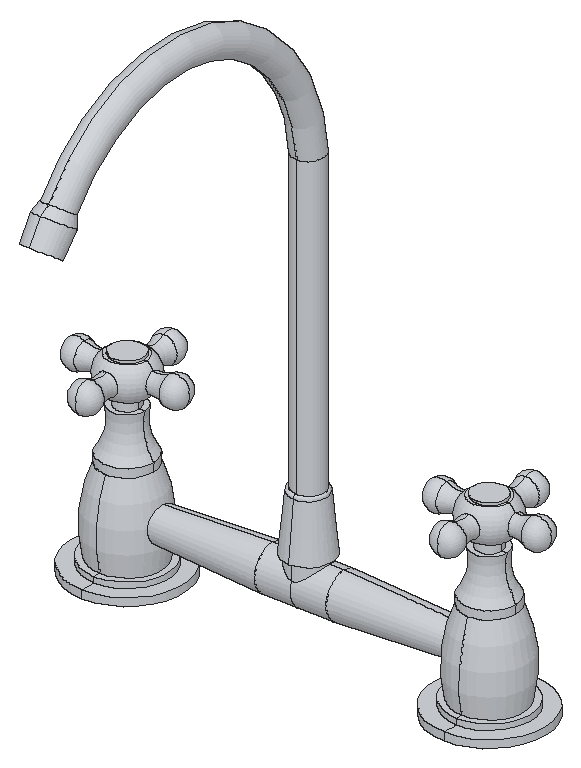
Revit family "01-0841-11- MEZCLADOR MESA 8” ARCO CALIMA", category Plumbing Fixtures, host Face, Revit 2018
Family settings
  Host = Face
  Round Connector Dimension = Use Diameter
  Part Type = Normal
  OmniClass Number = 23.31.11.00
  Cut with Voids When Loaded = No
  Shared = No
  Room Calculation Point = No
Parameters (values of type "01-0841-11")
  Waste Water Outlet = ""
  Plastico - ABS Cromado = Plastico - ABS Cromado
  Metal Zamak Cromado = Metal Zamak Cromado
  Metal Laton Cromado = Metal Laton Cromado
  Link Ficha Tecnica = "http://infotecnica.gricol.com/FT_01084111.pdf"
  Waste Connection = 1 = 0  # no
  Vent Connection = 1 = 0  # no
  URL = "https://www.gricol.com/"
  Type Image = MEZCLADOR MESA 8 ARCO CALIMA.JPG
  Product Name = "MEZCLADOR MESA 8 ARCO CALIMA"  # constant formula
  Model = "01-0841-11"  # constant formula
  Manufacturer = "Gricol"  # constant formula
  HW Connection = 1 = 1  # yes
  Eje-Aireador = 186.40 mm
  Eje - (roscas) = 203.20 mm
  Description = "Bimando"  # constant formula
  Default Elevation = 0.00 mm
  Date Modified = ""
  Date Created = "05/28/2020"  # constant formula
  Copyright = "All rights reserved © Gricol - 2020."  # constant formula
  CW Connection = 1 = 1  # yes
  Assembly Code = ""
  Ancho manija = 69.00 mm
  Alto - aireador = 278.00 mm
  Alto = 346.00 mm
Reference planes
  plane 1 "Center (Front/Back)": y = -13.681
  plane 2: z = 0
  plane 3 "Center (Left/Right)": x = 0
  plane 4: z = 109.404
  plane 5: z = 346
  plane 6: z = 278
  plane 7: z = 23.955
  plane 8: x = -101.6
  plane 9: x = 101.6
  plane 10: x = 136.1
  plane 11: x = 67.1
  plane 12: y = -200.081
Forms (mm)
  Extrusion 1, solid
    sketch origin (2.5, 0, 0) x (1, 0, 0) y (0, 1, 0)
      loop
        circle (101.6, -13.681) r 6.35
      loop
        circle (-101.6, -13.681) r 6.35
    from 0 to -5
Dimensions and locks
  plane 8 to plane 9 = 203.20 mm
  "Ancho manija": plane 10 to plane 11
  "Eje - (roscas)": plane 9 to plane 8
  plane 11 to plane 10 = 69.00 mm
  plane 12 to plane 1 "Center (Front/Back)" = 186.40 mm
  "Alto - aireador": plane 6 to level
  "Alto": plane 5 to level
  "Eje-Aireador": plane 1 "Center (Front/Back)" to plane 12
  aligned and locked: plane 2 to host face
  aligned and locked: level to host face
Automatic sketch dimensions
  host sketch curve to host sketch curve = 402.379 mm
  host sketch curve to host sketch curve = 252.553 mm
  plane 1 "Center (Front/Back)" to Extrusion 1 sketch curve = 0.00 mm  (x2)
  plane 8 to Extrusion 1 sketch curve = 2.50 mm
  plane 9 to Extrusion 1 sketch curve = 2.50 mm
  radius of Extrusion 1 sketch curve = 6.35 mm  (x2)
Nested families
  nested 1: "MEZCLADOR MESA 8” ARCO CALIMA" at (0, -13.681, 0), type "MEZCLADOR MESA 8 ARCO CALIMA"
Connectors
  piping at (104.1, -13.681, -5), diameter 12.7
    settings: on Extrusion 1, index 1, connector inside diameter 24", connector length 0.00 mm, flow factor 0, pipe flow 0 GPM, pressure drop 0.00 psi, fitting loss kfactor 0, connector angle 0.00°, fixture units 0, engagement length 0.00 mm, angle of deflection 0.00°, flow configuration 0, flow direction 0, fitting loss method 0, system type 20, joint type 0, gender type 0, connector reference index -1, connector utility 0, adjustable connector no, is connector primary yes, connector description ""
  piping at (-99.1, -13.681, -5), diameter 12.7
    settings: on Extrusion 1, index 2, connector inside diameter 24", connector length 0.00 mm, flow factor 0, pipe flow 0 GPM, pressure drop 0.00 psi, fitting loss kfactor 0, connector angle 0.00°, fixture units 0, engagement length 0.00 mm, angle of deflection 0.00°, flow configuration 0, flow direction 0, fitting loss method 0, system type 19, joint type 0, gender type 0, connector reference index -1, connector utility 0, adjustable connector no, is connector primary no, connector description ""
Definition of nested family "MEZCLADOR MESA 8” ARCO CALIMA"
  Parameters (values of type "MEZCLADOR MESA 8 ARCO CALIMA")
    Plastico - ABS Cromado = none
    Metal Zamak Cromado = none
    Metal Laton Cromado = none
  Reference planes
    plane 1 "Center (Front/Back)": y = 0
    plane 2: z = 0
    plane 3 "Center (Left/Right)": x = 0
    plane 4 "Manija 1": x = 101.6
    plane 5: z = -50
    plane 6 "Manija 2": x = -101.6
    plane 7: x = -136.6
    plane 8: x = -66.6
    plane 9: z = 65
    plane 10: x = 131.6
    plane 11: x = 71.083
    plane 12: x = 89.643
    plane 13: x = 29.126
    plane 14: z = 278
    plane 15: z = 346
    plane 16: y = -186.4
    plane 17: x = -131.6
    plane 18: x = -71.083
    plane 19: x = 136.1
    plane 20: x = 67.1
  Forms (mm)
    Revolve 1, solid, material <- "Metal Laton Cromado"
      sketch origin (0, 0, 10.935) x (0, 1, 0) y (0, 0, 1)
        loop
          line (0, 67.06) -> (-8.649, 67.06)
          arc (-8.649, 67.06) -> (-9.796, 66.544) -> (-10.169, 65.343) r 1.531
          spline (-10.169, 65.343) -> (-10.244, 61.427) -> (-10.447, 57.852) -> (-10.752, 54.587) -> (-11.13, 51.601) -> (-11.551, 48.861) -> (-11.989, 46.336) -> (-12.413, 43.995) -> (-12.796, 41.806) -> (-13.109, 39.738) -> (-13.324, 37.759) -> (-13.413, 35.837) -> (-13.345, 33.942)
          line (-13.345, 33.942) -> (-11.453, 33.942) -> (-11.453, 21.015) -> (0, 21.015) -> (0, 67.06)
        axis (0, 67.06) -> (0, 21.015)
      angle from 0 to 360
    Revolve 2, solid, material <- "Plastico - ABS Cromado"
      sketch origin (41.957, 0, 26.001) x (1, 0, 0) y (0, 0, 1)
        loop
          line (66.436, 57.92) -> (66.436, 64.602) -> (59.643, 64.602) -> (59.643, 29.179) -> (74.643, 29.179) -> (74.643, 33.889)
          arc (74.643, 33.889) -> (69.488, 45.352) -> (69.666, 57.92) r 29.013
          line (69.666, 57.92) -> (66.436, 57.92)
        axis (59.643, 29.179) -> (59.643, 64.602)
      angle from 0 to 360
    Revolve 3, solid, material <- "Plastico - ABS Cromado", not visible
      sketch origin (0, 0, 38.64) x (1, 0, 0) y (0, 0, 1)
        loop
          line (66.436, 57.92) -> (66.436, 64.602) -> (59.643, 64.602) -> (59.643, 29.179) -> (74.643, 29.179) -> (74.643, 33.889)
          arc (74.643, 33.889) -> (69.488, 45.352) -> (69.666, 57.92) r 29.013
          line (69.666, 57.92) -> (66.436, 57.92)
        axis (59.643, 29.179) -> (59.643, 64.602)
      angle from 0 to 360
    Sweep 4, solid, material <- "Metal Laton Cromado"
      path origin (0, 0, 19.06) x (0, -1, 0) y (0, 0, -1)
        loop
          line (-0.096, -57.104) -> (-0.096, -227.405)
          arc (-0.096, -227.405) -> (70.369, -313.743) -> (175.221, -275.984) r 96.446
      profile origin (0, 0.096, 161.314) x (0, -1, 0) y (1, 0, 0)
        loop
          circle (0, 0) r 8.488
    Revolve 5, solid, material <- "Metal Laton Cromado"
      sketch origin (0, -205.269, 7) x (0, -0.825535, 0.56435) y (0, -0.56435, -0.825535)
        loop
          line (129.164, -254.748) -> (137.752, -254.748) -> (137.752, -241.939) -> (129.11, -241.531) -> (129.462, -234.066) -> (127.671, -234.066) -> (126.974, -248.83) -> (129.164, -254.748)
        axis (137.752, -234.066) -> (137.752, -254.748)
      angle from 0 to 360
    Revolve 6, solid, material <- "Metal Laton Cromado"
      sketch origin (101.6, 0, 0) x (0, 1, 0) y (0, 0, 1)
        loop
          line (15, 55.18) -> (0, 55.18) -> (0, 0) -> (31.619, 0) -> (31.619, 4.365) -> (23.211, 4.365) -> (23.211, 7.47) -> (19.424, 7.47)
          arc (19.424, 7.47) -> (21.037, 31.679) -> (15, 55.18) r 76.625
        axis (0, 0) -> (0, 55.18)
      angle from 0 to 360
    Revolve 7, solid, material <- "Metal Laton Cromado"
      sketch origin (0, 0, 0) x (1, 0, 0) y (0, 0, 1)
        loop
          line (0, 43.148) -> (-20, 43.148)
          arc (-20, 43.148) -> (-53.762, 42.369) -> (-87.453, 40.034) r 732.085
          line (-87.453, 40.034) -> (-87.453, 30.648) -> (87.453, 30.648) -> (87.453, 40.034)
          arc (87.453, 40.034) -> (53.762, 42.369) -> (20, 43.148) r 732.085
          line (20, 43.148) -> (0, 43.148)
        axis (87.453, 30.648) -> (-87.453, 30.648)
      angle from 0 to 360
    Revolve 8, solid, material <- "Plastico - ABS Cromado"
      sketch origin (-41.957, 0, 26.001) x (-1, 0, 0) y (0, 0, 1)
        loop
          line (66.436, 57.92) -> (66.436, 64.602) -> (59.643, 64.602) -> (59.643, 29.179) -> (74.643, 29.179) -> (74.643, 33.889)
          arc (74.643, 33.889) -> (69.488, 45.352) -> (69.666, 57.92) r 29.013
          line (69.666, 57.92) -> (66.436, 57.92)
        axis (59.643, 29.179) -> (59.643, 64.602)
      angle from 0 to 360
    Revolve 9, solid, material <- "Metal Laton Cromado"
      sketch origin (-101.6, 0, 0) x (0, 1, 0) y (0, 0, -1)
        loop
          arc (15, -55.18) -> (21.037, -31.679) -> (19.424, -7.47) r 76.625
          line (19.424, -7.47) -> (23.211, -7.47) -> (23.211, -4.365) -> (31.619, -4.365) -> (31.619, 0) -> (0, 0) -> (0, -55.18) -> (15, -55.18)
        axis (0, 0) -> (0, -55.18)
      angle from 0 to 360
    Extrusion 10, solid, material <- "Metal Laton Cromado"
      sketch origin (99.468, -0.857, 26.938) x (0, -1, 0) y (1, 0, 0)
        loop
          circle (-0.855, 2.121) r 9.136
      from 63.665 to 83.75
    Revolve 11, solid, material <- "Metal Zamak Cromado"
      sketch origin (101.588, -0.002, 26.938) x (1, 0, 0) y (0, 0, 1)
        loop
          line (-9.246, 82.665) -> (-10.84, 82.665)
          arc (-10.84, 82.665) -> (-15.864, 73.165) -> (-10.84, 63.665) r 11.494
          line (-10.84, 63.665) -> (-9.246, 63.665) -> (-9.246, 82.665)
        axis (0, 63.665) -> (0, 82.665)
      angle from 0 to 360
    Revolve 12, solid, material <- "Metal Zamak Cromado"
      sketch origin (-112.434, -0.002, 1239.978) x (-1, 0, 0) y (0, 0, -1)
        loop
          line (-204.706, 1139.875) -> (-204.706, 1132.465)
          arc (-204.706, 1132.465) -> (-197.353, 1134.38) -> (-190.002, 1132.456) r 15.043
          arc (-190.002, 1132.456) -> (-182.428, 1132.858) -> (-179.551, 1139.875) r 7.09
          line (-179.551, 1139.875) -> (-204.706, 1139.875)
        axis (-204.706, 1139.875) -> (-179.551, 1139.875)
      angle from 0 to 360
    Revolve 13, solid, material <- "Metal Zamak Cromado"
      sketch origin (315.454, -0.002, 1239.978) x (1, 0, 0) y (0, 0, -1)
        loop
          line (-204.706, 1139.875) -> (-204.706, 1132.465)
          arc (-204.706, 1132.465) -> (-197.353, 1134.38) -> (-190.002, 1132.456) r 15.043
          arc (-190.002, 1132.456) -> (-182.428, 1132.858) -> (-179.551, 1139.875) r 7.09
          line (-179.551, 1139.875) -> (-204.706, 1139.875)
        axis (-204.706, 1139.875) -> (-179.551, 1139.875)
      angle from 0 to 360
    Revolve 14, solid, material <- "Metal Zamak Cromado"
      sketch origin (101.588, -215.587, 1239.978) x (0, -1, 0) y (0, 0, -1)
        loop
          line (-204.706, 1139.875) -> (-204.706, 1132.465)
          arc (-204.706, 1132.465) -> (-197.353, 1134.38) -> (-190.002, 1132.456) r 15.043
          arc (-190.002, 1132.456) -> (-182.428, 1132.858) -> (-179.551, 1139.875) r 7.09
          line (-179.551, 1139.875) -> (-204.706, 1139.875)
        axis (-204.706, 1139.875) -> (-179.551, 1139.875)
      angle from 0 to 360
    Revolve 15, solid, material <- "Metal Zamak Cromado"
      sketch origin (101.588, 215.583, 1239.978) x (0, 1, 0) y (0, 0, -1)
        loop
          line (-204.706, 1139.875) -> (-204.706, 1132.465)
          arc (-204.706, 1132.465) -> (-197.353, 1134.38) -> (-190.002, 1132.456) r 15.043
          arc (-190.002, 1132.456) -> (-182.428, 1132.858) -> (-179.551, 1139.875) r 7.09
          line (-179.551, 1139.875) -> (-204.706, 1139.875)
        axis (-204.706, 1139.875) -> (-179.551, 1139.875)
      angle from 0 to 360
    Extrusion 16, solid, material <- "Metal Laton Cromado", not visible
      sketch origin (57.511, -0.857, 39.577) x (0, -1, 0) y (1, 0, 0)
        loop
          circle (-0.855, 2.121) r 9.136
      from 63.665 to 83.75
    Revolve 17, solid, material <- "Metal Zamak Cromado", not visible
      sketch origin (59.631, -0.002, 39.577) x (1, 0, 0) y (0, 0, 1)
        loop
          line (-9.246, 82.665) -> (-10.84, 82.665)
          arc (-10.84, 82.665) -> (-15.864, 73.165) -> (-10.84, 63.665) r 11.494
          line (-10.84, 63.665) -> (-9.246, 63.665) -> (-9.246, 82.665)
        axis (0, 63.665) -> (0, 82.665)
      angle from 0 to 360
    Revolve 18, solid, material <- "Metal Zamak Cromado", not visible
      sketch origin (-154.391, -0.002, 1252.617) x (-1, 0, 0) y (0, 0, -1)
        loop
          line (-204.706, 1139.875) -> (-204.706, 1132.465)
          arc (-204.706, 1132.465) -> (-197.353, 1134.38) -> (-190.002, 1132.456) r 15.043
          arc (-190.002, 1132.456) -> (-182.428, 1132.858) -> (-179.551, 1139.875) r 7.09
          line (-179.551, 1139.875) -> (-204.706, 1139.875)
        axis (-204.706, 1139.875) -> (-179.551, 1139.875)
      angle from 0 to 360
    Revolve 19, solid, material <- "Metal Zamak Cromado", not visible
      sketch origin (273.498, -0.002, 1252.617) x (1, 0, 0) y (0, 0, -1)
        loop
          line (-204.706, 1139.875) -> (-204.706, 1132.465)
          arc (-204.706, 1132.465) -> (-197.353, 1134.38) -> (-190.002, 1132.456) r 15.043
          arc (-190.002, 1132.456) -> (-182.428, 1132.858) -> (-179.551, 1139.875) r 7.09
          line (-179.551, 1139.875) -> (-204.706, 1139.875)
        axis (-204.706, 1139.875) -> (-179.551, 1139.875)
      angle from 0 to 360
    Revolve 20, solid, material <- "Metal Zamak Cromado", not visible
      sketch origin (59.631, -215.587, 1252.617) x (0, -1, 0) y (0, 0, -1)
        loop
          line (-204.706, 1139.875) -> (-204.706, 1132.465)
          arc (-204.706, 1132.465) -> (-197.353, 1134.38) -> (-190.002, 1132.456) r 15.043
          arc (-190.002, 1132.456) -> (-182.428, 1132.858) -> (-179.551, 1139.875) r 7.09
          line (-179.551, 1139.875) -> (-204.706, 1139.875)
        axis (-204.706, 1139.875) -> (-179.551, 1139.875)
      angle from 0 to 360
    Revolve 21, solid, material <- "Metal Zamak Cromado", not visible
      sketch origin (59.631, 215.583, 1252.617) x (0, 1, 0) y (0, 0, -1)
        loop
          line (-204.706, 1139.875) -> (-204.706, 1132.465)
          arc (-204.706, 1132.465) -> (-197.353, 1134.38) -> (-190.002, 1132.456) r 15.043
          arc (-190.002, 1132.456) -> (-182.428, 1132.858) -> (-179.551, 1139.875) r 7.09
          line (-179.551, 1139.875) -> (-204.706, 1139.875)
        axis (-204.706, 1139.875) -> (-179.551, 1139.875)
      angle from 0 to 360
    Extrusion 22, solid, material <- "Metal Laton Cromado"
      sketch origin (-99.468, 0.857, 26.938) x (0, 1, 0) y (-1, 0, 0)
        loop
          circle (-0.859, 2.121) r 9.136
      from 63.665 to 83.75
    Revolve 23, solid, material <- "Metal Zamak Cromado"
      sketch origin (-101.588, 0.002, 26.938) x (-1, 0, 0) y (0, 0, 1)
        loop
          line (-9.246, 82.665) -> (-10.84, 82.665)
          arc (-10.84, 82.665) -> (-15.864, 73.165) -> (-10.84, 63.665) r 11.494
          line (-10.84, 63.665) -> (-9.246, 63.665) -> (-9.246, 82.665)
        axis (0, 63.665) -> (0, 82.665)
      angle from 0 to 360
    Revolve 24, solid, material <- "Metal Zamak Cromado"
      sketch origin (112.434, 0.002, 1239.978) x (1, 0, 0) y (0, 0, -1)
        loop
          line (-204.706, 1139.875) -> (-204.706, 1132.465)
          arc (-204.706, 1132.465) -> (-197.353, 1134.38) -> (-190.002, 1132.456) r 15.043
          arc (-190.002, 1132.456) -> (-182.428, 1132.858) -> (-179.551, 1139.875) r 7.09
          line (-179.551, 1139.875) -> (-204.706, 1139.875)
        axis (-204.706, 1139.875) -> (-179.551, 1139.875)
      angle from 0 to 360
    Revolve 25, solid, material <- "Metal Zamak Cromado"
      sketch origin (-315.454, 0.002, 1239.978) x (-1, 0, 0) y (0, 0, -1)
        loop
          line (-204.706, 1139.875) -> (-204.706, 1132.465)
          arc (-204.706, 1132.465) -> (-197.353, 1134.38) -> (-190.002, 1132.456) r 15.043
          arc (-190.002, 1132.456) -> (-182.428, 1132.858) -> (-179.551, 1139.875) r 7.09
          line (-179.551, 1139.875) -> (-204.706, 1139.875)
        axis (-204.706, 1139.875) -> (-179.551, 1139.875)
      angle from 0 to 360
    Revolve 26, solid, material <- "Metal Zamak Cromado"
      sketch origin (-101.588, 215.587, 1239.978) x (0, 1, 0) y (0, 0, -1)
        loop
          line (-226.467, 1139.875) -> (-251.623, 1139.875)
          arc (-251.623, 1139.875) -> (-248.746, 1132.858) -> (-241.172, 1132.456) r 7.09
          arc (-241.172, 1132.456) -> (-233.821, 1134.38) -> (-226.467, 1132.465) r 15.043
          line (-226.467, 1132.465) -> (-226.467, 1139.875)
        axis (-226.467, 1139.875) -> (-251.623, 1139.875)
      angle from 0 to 360
    Revolve 27, solid, material <- "Metal Zamak Cromado"
      sketch origin (-101.588, -215.583, 1239.978) x (0, -1, 0) y (0, 0, -1)
        loop
          line (-226.46, 1139.875) -> (-251.615, 1139.875)
          arc (-251.615, 1139.875) -> (-248.738, 1132.858) -> (-241.165, 1132.456) r 7.09
          arc (-241.165, 1132.456) -> (-233.813, 1134.38) -> (-226.46, 1132.465) r 15.043
          line (-226.46, 1132.465) -> (-226.46, 1139.875)
        axis (-226.46, 1139.875) -> (-251.615, 1139.875)
      angle from 0 to 360
  Dimensions and locks
    plane 4 "Manija 1" to plane 6 "Manija 2" = 203.20 mm
    equal spacing: plane 4 "Manija 1", plane 3 "Center (Left/Right)", plane 6 "Manija 2"
    locked: plane 8 to plane 7 at 70
    plane 9 to level = 65.00 mm
    plane 10 to Revolve 2 sketch curve = 30.00 mm
    plane 12 to Revolve 3 sketch curve = 30.00 mm
    plane 14 to level = 278.00 mm  (x2)
    level to plane 15 = 346.00 mm  (x2)
    plane 1 "Center (Front/Back)" to plane 16 = 186.40 mm
    plane 17 to Revolve 8 sketch curve = 30.00 mm
    plane 4 "Manija 1" to plane 20 = 34.50 mm
    plane 19 to plane 4 "Manija 1" = 34.50 mm
    aligned and locked: plane 2 to level
  Automatic sketch dimensions
    Revolve 2 sketch curve to plane 10 = 15.00 mm
    Revolve 2 sketch curve to Revolve 2 sketch curve = 6.792 mm
    plane 10 to Revolve 2 sketch curve = 8.255 mm
    Revolve 2 sketch curve to Revolve 2 sketch curve = 22.058 mm
    Revolve 2 sketch curve to Revolve 2 sketch curve = 6.681 mm
    Revolve 2 sketch curve to Revolve 2 sketch curve = 3.23 mm
    Revolve 2 sketch curve to Revolve 2 sketch curve = 4.71 mm
    Revolve 2 sketch curve to Revolve 2 sketch curve = 4.447 mm
    Revolve 2 sketch curve to Revolve 2 sketch curve = 20.553 mm
    Revolve 2 sketch curve to Revolve 2 sketch curve = 15.00 mm
    Revolve 3 sketch curve to plane 12 = 15.00 mm
    Revolve 3 sketch curve to Revolve 3 sketch curve = 6.792 mm
    plane 12 to Revolve 3 sketch curve = 8.255 mm
    Revolve 3 sketch curve to Revolve 3 sketch curve = 22.058 mm
    Revolve 3 sketch curve to Revolve 3 sketch curve = 6.681 mm
    Revolve 3 sketch curve to Revolve 3 sketch curve = 3.23 mm
    Revolve 3 sketch curve to Revolve 3 sketch curve = 4.71 mm
    Revolve 3 sketch curve to Revolve 3 sketch curve = 4.447 mm
    Revolve 3 sketch curve to Revolve 3 sketch curve = 20.553 mm
    Revolve 3 sketch curve to Revolve 3 sketch curve = 15.00 mm
    Revolve 8 sketch curve to plane 17 = 15.00 mm
    Revolve 8 sketch curve to Revolve 8 sketch curve = 6.792 mm
    plane 17 to Revolve 8 sketch curve = 8.255 mm
    Revolve 8 sketch curve to Revolve 8 sketch curve = 22.058 mm
    Revolve 8 sketch curve to Revolve 8 sketch curve = 6.681 mm
    Revolve 8 sketch curve to Revolve 8 sketch curve = 3.23 mm
    Revolve 8 sketch curve to Revolve 8 sketch curve = 4.71 mm
    Revolve 8 sketch curve to Revolve 8 sketch curve = 4.447 mm
    Revolve 8 sketch curve to Revolve 8 sketch curve = 20.553 mm
    Revolve 8 sketch curve to Revolve 8 sketch curve = 15.00 mm
    Sweep 4 sketch curve to plane 1 "Center (Front/Back)" = 0.096 mm
    Sweep 4 sketch curve to plane 14 = 38.141 mm
    Sweep 4 sketch curve to plane 16 = 90.277 mm
    Sweep 4 sketch curve to plane 14 = 31.535 mm
    Sweep 4 sketch curve to plane 16 = 11.179 mm
    Sweep 4 sketch curve to plane 9 = 11.163 mm
    Sweep 4 sketch curve to profile plane = 0.00 mm  (x2)
    plane 14 to Revolve 5 sketch curve = 6.076 mm
    Revolve 5 sketch curve to plane 16 = 16.737 mm
    Revolve 5 sketch curve to Revolve 5 sketch curve = 0.696 mm
    Revolve 5 sketch curve to Revolve 5 sketch curve = 1.44 mm
    Revolve 5 sketch curve to Revolve 5 sketch curve = 2.189 mm
    Revolve 5 sketch curve to Revolve 5 sketch curve = 1.792 mm
    Revolve 5 sketch curve to Revolve 5 sketch curve = 8.588 mm
    Revolve 5 sketch curve to Revolve 5 sketch curve = 5.918 mm
    Revolve 5 sketch curve to Revolve 5 sketch curve = 6.892 mm
    Revolve 5 sketch curve to Revolve 5 sketch curve = 7.299 mm
    Revolve 5 sketch curve to Revolve 5 sketch curve = 0.00 mm
    Revolve 5 sketch curve to Revolve 5 sketch curve = 2.352 mm
    Revolve 5 sketch curve to Revolve 5 sketch curve = 10.045 mm
    Revolve 6 sketch curve to plane 1 "Center (Front/Back)" = 0.00 mm  (x2)
    Revolve 6 sketch curve to level = 0.00 mm
    level to Revolve 6 sketch curve = 24.605 mm
    plane 1 "Center (Front/Back)" to Revolve 6 sketch curve = 55.261 mm
    Revolve 6 sketch curve to Revolve 6 sketch curve = 15.00 mm
    level to Revolve 6 sketch curve = 7.47 mm
    Revolve 6 sketch curve to plane 1 "Center (Front/Back)" = 19.424 mm
    Revolve 6 sketch curve to Revolve 6 sketch curve = 3.787 mm
    Revolve 6 sketch curve to Revolve 6 sketch curve = 8.409 mm
    Revolve 6 sketch curve to Revolve 6 sketch curve = 4.365 mm
    Revolve 6 sketch curve to Revolve 6 sketch curve = 27.59 mm
    Revolve 6 sketch curve to plane 9 = 7.59 mm
    Revolve 7 sketch curve to plane 3 "Center (Left/Right)" = 0.00 mm
    Revolve 7 sketch curve to plane 4 "Manija 1" = 0.00 mm
    Revolve 7 sketch curve to Revolve 7 sketch curve = 20.00 mm
    plane 6 "Manija 2" to Revolve 7 sketch curve = 14.147 mm
    plane 3 "Center (Left/Right)" to Revolve 7 sketch curve = 20.00 mm
    Revolve 7 sketch curve to plane 4 "Manija 1" = 14.147 mm
    plane 5 to Revolve 7 sketch curve = 638.938 mm
    Revolve 7 sketch curve to Revolve 7 sketch curve = 0.00 mm
    level to Revolve 7 sketch curve = 30.648 mm
    Revolve 7 sketch curve to Revolve 7 sketch curve = 9.386 mm
    Revolve 7 sketch curve to Revolve 7 sketch curve = 1.60 mm
    Revolve 7 sketch curve to Revolve 7 sketch curve = 12.50 mm
    Revolve 9 sketch curve to plane 1 "Center (Front/Back)" = 0.00 mm  (x2)
    Revolve 9 sketch curve to level = 0.00 mm
    level to Revolve 9 sketch curve = 24.605 mm
    plane 1 "Center (Front/Back)" to Revolve 9 sketch curve = 55.261 mm
    Revolve 9 sketch curve to Revolve 9 sketch curve = 15.00 mm
    level to Revolve 9 sketch curve = 7.47 mm
    Revolve 9 sketch curve to plane 1 "Center (Front/Back)" = 19.424 mm
    Revolve 9 sketch curve to Revolve 9 sketch curve = 3.787 mm
    Revolve 9 sketch curve to Revolve 9 sketch curve = 8.409 mm
    Revolve 9 sketch curve to Revolve 9 sketch curve = 3.105 mm
    Revolve 9 sketch curve to plane 9 = 7.59 mm
    Revolve 9 sketch curve to Revolve 9 sketch curve = 27.59 mm
    Revolve 1 sketch curve to plane 1 "Center (Front/Back)" = 0.00 mm  (x2)
    plane 1 "Center (Front/Back)" to Revolve 1 sketch curve = 8.649 mm
    Revolve 1 sketch curve to Revolve 1 sketch curve = 1.52 mm
    plane 1 "Center (Front/Back)" to Revolve 1 sketch curve = 11.453 mm
    Revolve 1 sketch curve to Revolve 1 sketch curve = 1.892 mm
    level to Revolve 1 sketch curve = 31.95 mm
    Revolve 1 sketch curve to Revolve 1 sketch curve = 12.927 mm
    Revolve 1 sketch curve to plane 9 = 11.278 mm
    Revolve 1 sketch curve to Revolve 1 sketch curve = 0.186 mm
    Revolve 1 sketch curve to level = 4.707 mm
    plane 9 to Revolve 1 sketch curve = 12.252 mm
    Revolve 11 sketch curve to Revolve 11 sketch curve = 1.593 mm  (x2)
    Revolve 11 sketch curve to Revolve 11 sketch curve = 0.00 mm  (x4)
    Revolve 11 sketch curve to Revolve 11 sketch curve = 2.335 mm  (x2)
    Revolve 12 sketch curve to Revolve 12 sketch curve = 7.344 mm  (x2)
    Revolve 12 sketch curve to Revolve 12 sketch curve = 18.174 mm  (x2)
    Revolve 12 sketch curve to Revolve 12 sketch curve = 6.981 mm  (x2)
    Revolve 12 sketch curve to Revolve 12 sketch curve = 13.128 mm  (x2)
    Revolve 12 sketch curve to Revolve 12 sketch curve = 7.41 mm  (x2)
    Revolve 12 sketch curve to Revolve 12 sketch curve = 3.081 mm  (x2)
    Revolve 12 sketch curve to Revolve 12 sketch curve = 3.17 mm  (x2)
    Revolve 12 sketch curve to Revolve 12 sketch curve = 0.00 mm  (x2)
    Revolve 13 sketch curve to Revolve 13 sketch curve = 7.344 mm  (x2)
    Revolve 13 sketch curve to Revolve 13 sketch curve = 18.174 mm  (x2)
    Revolve 13 sketch curve to Revolve 13 sketch curve = 6.981 mm  (x2)
    Revolve 13 sketch curve to Revolve 13 sketch curve = 13.128 mm  (x2)
    Revolve 13 sketch curve to Revolve 13 sketch curve = 7.41 mm  (x2)
    Revolve 13 sketch curve to Revolve 13 sketch curve = 3.081 mm  (x2)
    Revolve 13 sketch curve to Revolve 13 sketch curve = 3.17 mm  (x2)
    Revolve 13 sketch curve to Revolve 13 sketch curve = 0.00 mm  (x2)
    Revolve 14 sketch curve to Revolve 14 sketch curve = 7.344 mm  (x2)
    Revolve 14 sketch curve to Revolve 14 sketch curve = 18.174 mm
    Revolve 14 sketch curve to Revolve 14 sketch curve = 6.981 mm  (x2)
    Revolve 14 sketch curve to Revolve 14 sketch curve = 13.128 mm  (x2)
    Revolve 14 sketch curve to Revolve 14 sketch curve = 7.41 mm  (x2)
    Revolve 14 sketch curve to Revolve 14 sketch curve = 3.081 mm  (x2)
    Revolve 14 sketch curve to Revolve 14 sketch curve = 3.17 mm  (x2)
    Revolve 14 sketch curve to Revolve 14 sketch curve = 0.00 mm  (x2)
    Revolve 15 sketch curve to Revolve 15 sketch curve = 7.344 mm  (x2)
    Revolve 15 sketch curve to Revolve 15 sketch curve = 18.174 mm
    Revolve 15 sketch curve to Revolve 15 sketch curve = 6.981 mm  (x2)
    Revolve 15 sketch curve to Revolve 15 sketch curve = 13.128 mm  (x2)
    Revolve 15 sketch curve to Revolve 15 sketch curve = 7.41 mm  (x2)
    Revolve 15 sketch curve to Revolve 15 sketch curve = 3.081 mm  (x2)
    Revolve 15 sketch curve to Revolve 15 sketch curve = 3.17 mm  (x2)
    Revolve 15 sketch curve to Revolve 15 sketch curve = 0.00 mm  (x2)
    Revolve 14 sketch curve to Revolve 14 sketch curve = 1.236 mm
    Revolve 13 sketch curve to Revolve 13 sketch curve = 1.236 mm
    Revolve 11 sketch curve to Revolve 11 sketch curve = 4.876 mm  (x2)
    Revolve 11 sketch curve to Revolve 11 sketch curve = 9.50 mm  (x2)
    Revolve 11 sketch curve to Revolve 11 sketch curve = 4.37 mm  (x2)
    Revolve 12 sketch curve to Revolve 12 sketch curve = 1.236 mm
    Revolve 15 sketch curve to Revolve 15 sketch curve = 1.236 mm
    Revolve 23 sketch curve to Revolve 23 sketch curve = 0.00 mm  (x2)
    Revolve 23 sketch curve to Revolve 23 sketch curve = 1.593 mm
    Revolve 23 sketch curve to Revolve 23 sketch curve = 4.876 mm
    Revolve 23 sketch curve to Revolve 23 sketch curve = 9.50 mm
    Revolve 23 sketch curve to Revolve 23 sketch curve = 4.37 mm
    Revolve 23 sketch curve to Revolve 23 sketch curve = 2.335 mm
    Revolve 24 sketch curve to Revolve 24 sketch curve = 7.344 mm
    Revolve 24 sketch curve to Revolve 24 sketch curve = 18.174 mm
    Revolve 24 sketch curve to Revolve 24 sketch curve = 6.981 mm
    Revolve 24 sketch curve to Revolve 24 sketch curve = 13.128 mm
    Revolve 24 sketch curve to Revolve 24 sketch curve = 6.174 mm
    Revolve 24 sketch curve to Revolve 24 sketch curve = 7.41 mm
    Revolve 24 sketch curve to Revolve 24 sketch curve = 3.081 mm
    Revolve 24 sketch curve to Revolve 24 sketch curve = 3.17 mm
    Revolve 24 sketch curve to Revolve 24 sketch curve = 0.00 mm
    Revolve 25 sketch curve to Revolve 25 sketch curve = 7.344 mm
    Revolve 25 sketch curve to Revolve 25 sketch curve = 18.174 mm
    Revolve 25 sketch curve to Revolve 25 sketch curve = 6.981 mm
    Revolve 25 sketch curve to Revolve 25 sketch curve = 13.128 mm
    Revolve 25 sketch curve to Revolve 25 sketch curve = 6.174 mm
    Revolve 25 sketch curve to Revolve 25 sketch curve = 7.41 mm
    Revolve 25 sketch curve to Revolve 25 sketch curve = 3.081 mm
    Revolve 25 sketch curve to Revolve 25 sketch curve = 3.17 mm
    Revolve 25 sketch curve to Revolve 25 sketch curve = 0.00 mm
    Revolve 26 sketch curve to Revolve 26 sketch curve = 6.981 mm
    Revolve 26 sketch curve to Revolve 26 sketch curve = 10.83 mm
    Revolve 26 sketch curve to Revolve 26 sketch curve = 7.344 mm
    Revolve 26 sketch curve to Revolve 26 sketch curve = 13.128 mm
    Revolve 26 sketch curve to Revolve 26 sketch curve = 6.174 mm
    Revolve 26 sketch curve to Revolve 26 sketch curve = 7.41 mm
    Revolve 26 sketch curve to Revolve 26 sketch curve = 3.17 mm
    Revolve 26 sketch curve to Revolve 26 sketch curve = 3.081 mm
    Revolve 26 sketch curve to Revolve 26 sketch curve = 0.00 mm
    Revolve 27 sketch curve to Revolve 27 sketch curve = 6.981 mm
    Revolve 27 sketch curve to Revolve 27 sketch curve = 10.83 mm
    Revolve 27 sketch curve to Revolve 27 sketch curve = 7.344 mm
    Revolve 27 sketch curve to Revolve 27 sketch curve = 13.128 mm
    Revolve 27 sketch curve to Revolve 27 sketch curve = 6.174 mm
    Revolve 27 sketch curve to Revolve 27 sketch curve = 7.41 mm
    Revolve 27 sketch curve to Revolve 27 sketch curve = 3.17 mm
    Revolve 27 sketch curve to Revolve 27 sketch curve = 3.081 mm
    Revolve 27 sketch curve to Revolve 27 sketch curve = 0.00 mm
    Revolve 12 sketch curve to Revolve 12 sketch curve = 6.174 mm
    Revolve 13 sketch curve to Revolve 13 sketch curve = 6.174 mm
    Revolve 14 sketch curve to Revolve 14 sketch curve = 10.83 mm
    Revolve 14 sketch curve to Revolve 14 sketch curve = 6.174 mm
    Revolve 15 sketch curve to Revolve 15 sketch curve = 10.83 mm
    Revolve 15 sketch curve to Revolve 15 sketch curve = 6.174 mm
    Revolve 17 sketch curve to Revolve 17 sketch curve = 0.00 mm  (x2)
    Revolve 17 sketch curve to Revolve 17 sketch curve = 1.593 mm
    Revolve 17 sketch curve to Revolve 17 sketch curve = 4.876 mm
    Revolve 17 sketch curve to Revolve 17 sketch curve = 9.50 mm
    Revolve 17 sketch curve to Revolve 17 sketch curve = 4.37 mm
    Revolve 17 sketch curve to Revolve 17 sketch curve = 2.335 mm
    Revolve 18 sketch curve to Revolve 18 sketch curve = 7.344 mm
    Revolve 18 sketch curve to Revolve 18 sketch curve = 18.174 mm
    Revolve 18 sketch curve to Revolve 18 sketch curve = 6.981 mm
    Revolve 18 sketch curve to Revolve 18 sketch curve = 13.128 mm
    Revolve 18 sketch curve to Revolve 18 sketch curve = 6.174 mm
    Revolve 18 sketch curve to Revolve 18 sketch curve = 7.41 mm
    Revolve 18 sketch curve to Revolve 18 sketch curve = 3.081 mm
    Revolve 18 sketch curve to Revolve 18 sketch curve = 3.17 mm
    Revolve 18 sketch curve to Revolve 18 sketch curve = 0.00 mm
    Revolve 19 sketch curve to Revolve 19 sketch curve = 7.344 mm
    Revolve 19 sketch curve to Revolve 19 sketch curve = 18.174 mm
    Revolve 19 sketch curve to Revolve 19 sketch curve = 6.981 mm
    Revolve 19 sketch curve to Revolve 19 sketch curve = 13.128 mm
    Revolve 19 sketch curve to Revolve 19 sketch curve = 6.174 mm
    Revolve 19 sketch curve to Revolve 19 sketch curve = 7.41 mm
    Revolve 19 sketch curve to Revolve 19 sketch curve = 3.081 mm
    Revolve 19 sketch curve to Revolve 19 sketch curve = 3.17 mm
    Revolve 19 sketch curve to Revolve 19 sketch curve = 0.00 mm
    Revolve 20 sketch curve to Revolve 20 sketch curve = 6.981 mm
    Revolve 20 sketch curve to Revolve 20 sketch curve = 10.83 mm
    Revolve 20 sketch curve to Revolve 20 sketch curve = 7.344 mm
    Revolve 20 sketch curve to Revolve 20 sketch curve = 13.128 mm
    Revolve 20 sketch curve to Revolve 20 sketch curve = 6.174 mm
    Revolve 20 sketch curve to Revolve 20 sketch curve = 7.41 mm
    Revolve 20 sketch curve to Revolve 20 sketch curve = 3.17 mm
    Revolve 20 sketch curve to Revolve 20 sketch curve = 3.081 mm
    Revolve 20 sketch curve to Revolve 20 sketch curve = 0.00 mm
    Revolve 21 sketch curve to Revolve 21 sketch curve = 6.981 mm
    Revolve 21 sketch curve to Revolve 21 sketch curve = 10.83 mm
    Revolve 21 sketch curve to Revolve 21 sketch curve = 7.344 mm
    Revolve 21 sketch curve to Revolve 21 sketch curve = 13.128 mm
    Revolve 21 sketch curve to Revolve 21 sketch curve = 6.174 mm
    Revolve 21 sketch curve to Revolve 21 sketch curve = 7.41 mm
    Revolve 21 sketch curve to Revolve 21 sketch curve = 3.17 mm
    Revolve 21 sketch curve to Revolve 21 sketch curve = 3.081 mm
    Revolve 21 sketch curve to Revolve 21 sketch curve = 0.00 mm
    radius of Sweep 4 sketch curve = 8.488 mm
    radius of Extrusion 10 sketch curve = 9.136 mm  (x2)
    radius of Extrusion 22 sketch curve = 9.136 mm
    radius of Extrusion 16 sketch curve = 9.136 mm
